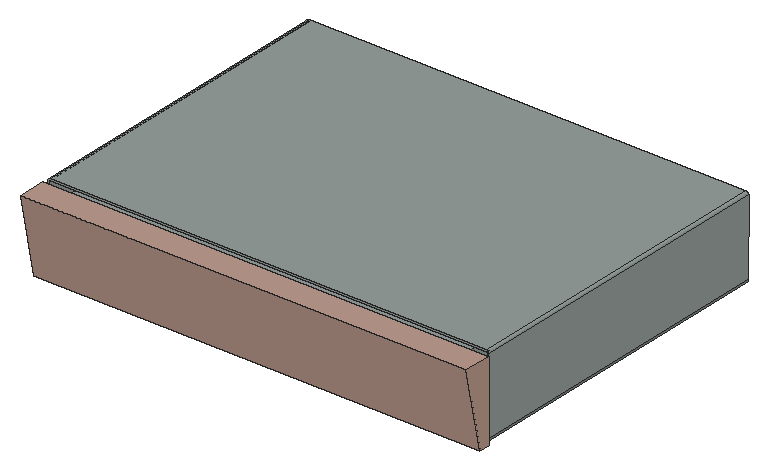
Revit family "Storage-Teknion-CAMD_Mini_Drawer_Undermount_Add_On-2021", category Furniture, Revit 2021
Family settings
  OmniClass Number = 23.40.20.00
  OmniClass Title = General Furniture and Specialties
  Work Plane-Based = No
  Always vertical = Yes
  Cut with Voids When Loaded = No
  Shared = Yes
  Room Calculation Point = No
Parameters (values of type "Standard Mini Drawer")
  Warranty = "http://www.teknion.com/ca/papers/legal-canada"
  Unit Weight URL = "http://www.teknion.com/ca/tools/assets#&asset=bee6a381-b954-425e-8283-5a2de3a804f2,f828d448-4b62-4231-9e5f-9a8991c0ed77"
  URL = "www.teknion.com"
  To render please download texture images found here [instance] = "https://assets.teknion.com/web/5e81352c1dfdb467/revit-material-swatches/"
  Sustainability Data = "https://www.teknion.com/ca/tools/assets#&topic=216f99a5-57a0-44fc-b10a-9dee9b29ae4c&asset=444deb64-fe58-4b68-981e-f75e97781df7,b4ff2d81-9f2e-437d-9659-7cffb09c31cf"
  Standard Mni Drawer = not(Cork Divider Insert)  # yes
  Series = "Chronicle "  # constant formula
  Product Page URL = "https://www.teknion.com/ca/pricing-module/chronicle-specifying"
  Product Line = "Chronicle "  # constant formula
  Product Documentation Link = "https://www.teknion.com/pricing/chronicle/pdfs/Accessories_Electrical_ppg.pdf"
  Part Number = "CAMD"  # constant formula
  Model = "CAMDS"
  Manufacturer Phone = "416-661-3370"  # constant formula
  Manufacturer Fax = "416.661.4586"  # constant formula
  Manufacturer Contact Information = "http://www.teknion.com/ca/contactus"
  Manufacturer Address = "1150 Flint Road, Toronto, ON. M3J 2J5. Canada"  # constant formula
  Manufacturer = "Teknion"  # constant formula
  How To Use Teknion Materials User Guide [instance] = "https://assets.teknion.com/m/205dd0a49fa58060/original/How-to-add-a-Material-Library-and-Texture-Images-to-your-Revit-project.pdf"
  For Additional Finishes please visit [instance] = "https://assets.teknion.com/m/44a8009b046e5d47/original/Teknion_Materials_Library.zip"
  Drawer Front Finish [instance] = Veneer - Teknion - U4 - Oyster Walnut
  Description = "Mini Drawer, Undermount Add-On, Standard Configuration"
  Default Elevation = 0.000"
  Cork Divider Insert = no
  Assembly Code = "E2020200"
Types (3): name | Standard Mni Drawer | Model | Drawer Front Finish | Description | Cork Divider Insert
  (no name) | yes | "CAMDS" | Veneer - Teknion - U4 - Oyster Walnut | "Mini Drawer, Undermount Add-On, Standard Configuration" | no
  Standard Mini Drawer | yes | "CAMDS" | Veneer - Teknion - U4 - Oyster Walnut | "Mini Drawer, Undermount Add-On, Standard Configuration" | no
  Cork Divider Insert Mini Drawer | no | "CAMDC" | Veneer - Teknion - 5P - Flintwood - Poppy Seed | "Mini Drawer, Undermount Add-On, Cork Divider Insert Configuration" | yes
Reference planes (in)
  plane 1 "Center Front/Back": y = -144.54121
  plane 2: z = 0
  plane 3 "Center Left/Right": x = 150
  plane 4 "Left": x = 143.15788
  plane 5 "Right": x = 156.84212
  plane 6 "Back": y = -139.08241
  plane 7 "Front": y = -150
  plane 8 "Top": z = 28.00004
Forms (in)
  Sweep 1, solid, material "Veneer - Teknion - U4 - Oyster Walnut" <- "Drawer Front Finish"
    path origin (0, 0, 0) x (1, 0, 0) y (0, 1, 0)
      loop
        line (143.15788, -150) -> (156.84212, -150)
    profile origin (150, -150, 0) x (0, 1, 0) y (0, 0, 1)
      loop
        line (0, 27.92052) -> (0.52005, 25.4739) -> (0.85863, 25.4739) -> (0.85863, 27.92052) -> (0, 27.92052)
  Sweep 2, solid, material "Paint - Teknion - Accent - Blue Sage"
    path origin (0, 0, 0) x (1, 0, 0) y (0, 1, 0)
      loop
        line (150, -139.08241) -> (150, -149.02336)
    profile origin (150, -144.05288, 0) x (1, 0, 0) y (0, 0, 1)
      loop
        arc (-6.775, 25.58304) -> (-6.75215, 25.52789) -> (-6.697, 25.50504) r 0.078
        line (-6.697, 25.50504) -> (-6.15, 25.50504) -> (-6.15, 25.55304) -> (-6.697, 25.55304)
        arc (-6.697, 25.55304) -> (-6.71821, 25.56183) -> (-6.727, 25.58304) r 0.03
        line (-6.727, 25.58304) -> (-6.727, 27.92204)
        arc (-6.727, 27.92204) -> (-6.71821, 27.94325) -> (-6.697, 27.95204) r 0.03
        line (-6.697, 27.95204) -> (6.697, 27.95204)
        arc (6.697, 27.95204) -> (6.71821, 27.94325) -> (6.727, 27.92204) r 0.03
        line (6.727, 27.92204) -> (6.727, 25.58304)
        arc (6.727, 25.58304) -> (6.71821, 25.56183) -> (6.697, 25.55304) r 0.03
        line (6.697, 25.55304) -> (6.15, 25.55304) -> (6.15, 25.50504) -> (6.697, 25.50504)
        arc (6.697, 25.50504) -> (6.75215, 25.52789) -> (6.775, 25.58304) r 0.078
        line (6.775, 25.58304) -> (6.775, 27.92204)
        arc (6.775, 27.92204) -> (6.75215, 27.9772) -> (6.697, 28.00004) r 0.078
        line (6.697, 28.00004) -> (-6.697, 28.00004)
        arc (-6.697, 28.00004) -> (-6.75215, 27.9772) -> (-6.775, 27.92204) r 0.078
        line (-6.775, 27.92204) -> (-6.775, 25.58304)
  Sweep 3, solid, material "Paint - Teknion - Accent - Blue Sage"
    path origin (0, 0, 0) x (1, 0, 0) y (0, 1, 0)
      loop
        line (150, -139.14174) -> (150, -149.14137)
    profile origin (150, -144.14156, 0) x (1, 0, 0) y (0, 0, 1)
      loop
        line (-6.12112, 27.74752) -> (-6.12112, 25.7239) -> (6.12112, 25.7239) -> (6.12112, 27.74752) -> (-6.12112, 27.74752)
  Sweep 4, void
    path origin (0, 0, 0) x (1, 0, 0) y (0, 1, 0)
      loop
        line (150, -139.66537) -> (150, -148.61774)
    profile origin (150, -144.14156, 0) x (1, 0, 0) y (0, 0, 1)
      loop
        line (-5.5975, 27.74752) -> (-5.5975, 26.24752) -> (5.5975, 26.24752) -> (5.5975, 27.74752) -> (-5.5975, 27.74752)
  Sweep 5, solid, material "Paint - Teknion - Accent - Blue Sage", visible <- "Cork Divider Insert"
    path origin (0, 0, 0) x (1, 0, 0) y (0, 1, 0)
      loop
        line (144.4025, -144.54121) -> (155.5975, -144.54121)
    profile origin (150, -144.54121, 0) x (0, 1, 0) y (0, 0, 1)
      loop
        line (0.13784, 27.62252) -> (0.13784, 26.24752) -> (0.66146, 26.24752) -> (0.66146, 27.62252) -> (0.13784, 27.62252)
  Sweep 6, solid, material "Paint - Teknion - Accent - Blue Sage", visible <- "Cork Divider Insert"
    path origin (0, 0, 0) x (1, 0, 0) y (0, 1, 0)
      loop
        line (155.535, -144.54121) -> (144.465, -144.54121)
    profile origin (150, -144.54121, 0) x (0, -1, 0) y (0, 0, 1)
      loop
        line (4.01404, 27.12252) -> (0.01437, 27.12252) -> (0.01437, 26.24752) -> (4.01404, 26.24752) -> (4.01404, 27.12252)
  SweptBlend 7, void
    path origin (0, -144.54121, 0) x (1, 0, 0) y (0, 0, 1)
      loop
        line (150, 27.12252) -> (150, 26.65008)
    profile origin (150, -144.54121, 27.12252) x (0, -1, 0) y (1, 0, 0)
      loop
        arc (2.33496, -1.9383) -> (2.47638, -1.87972) -> (2.53496, -1.7383) r 0.2
        line (2.53496, -1.7383) -> (2.53496, 5.535) -> (0.01437, 5.535) -> (0.01437, -1.9383) -> (2.33496, -1.9383)
    end profile origin (150, -144.54121, 26.65008) x (0, -1, 0) y (1, 0, 0)
      loop
        line (0.01437, -1.82051) -> (2.33455, -1.82051)
        arc (2.33455, -1.82051) -> (2.39297, -1.79631) -> (2.41717, -1.73789) r 0.08262
        line (2.41717, -1.73789) -> (2.41717, 5.535) -> (0.01437, 5.535) -> (0.01437, -1.82051)
  SweptBlend 8, void
    path origin (0, -144.54121, 0) x (1, 0, 0) y (0, 0, 1)
      loop
        line (150, 27.12252) -> (150, 26.92567)
    profile origin (150, -144.54121, 27.12252) x (0, -1, 0) y (1, 0, 0)
      loop
        arc (2.90996, -2.1133) -> (2.96854, -2.25472) -> (3.10996, -2.3133) r 0.2
        line (3.10996, -2.3133) -> (4.01404, -2.3133) -> (4.01404, 5.535) -> (2.90996, 5.535) -> (2.90996, -2.1133)
    end profile origin (150, -144.54121, 26.92567) x (0, -1, 0) y (1, 0, 0)
      loop
        line (3.10996, -2.19965) -> (4.01404, -2.19965) -> (4.01404, 5.535) -> (3.02361, 5.535) -> (3.02361, -2.1133)
        arc (3.02361, -2.1133) -> (3.04891, -2.17436) -> (3.10996, -2.19965) r 0.08635
  SweptBlend 9, void
    path origin (0, -144.54121, 0) x (1, 0, 0) y (0, 0, 1)
      loop
        line (150, 27.12252) -> (150, 26.80756)
    profile origin (150, -144.54121, 27.12252) x (0, -1, 0) y (1, 0, 0)
      loop
        line (0.01437, -2.3133) -> (0.01437, -5.535) -> (2.53496, -5.535) -> (2.53496, -2.5133)
        arc (2.53496, -2.5133) -> (2.47638, -2.37188) -> (2.33496, -2.3133) r 0.2
        line (2.33496, -2.3133) -> (0.01437, -2.3133)
    end profile origin (150, -144.54121, 26.80756) x (0, -1, 0) y (1, 0, 0)
      loop
        line (2.33496, -2.42175) -> (0.01437, -2.42175) -> (0.01437, -5.535) -> (2.42651, -5.535) -> (2.42651, -2.5133)
        arc (2.42651, -2.5133) -> (2.3997, -2.44856) -> (2.33496, -2.42175) r 0.09155
  Sweep 10, solid, material "Paint - Teknion - Accent - Blue Sage", visible <- "Standard Mni Drawer"
    path origin (0, 0, 0) x (1, 0, 0) y (0, 1, 0)
      loop
        line (144.465, -144.54121) -> (155.535, -144.54121)
    profile origin (150, -144.54121, 0) x (0, 1, 0) y (0, 0, 1)
      loop
        line (-4.01404, 27.21996) -> (-4.01404, 26.32626)
        arc (-4.01404, 26.32626) -> (-3.99098, 26.27058) -> (-3.9353, 26.24752) r 0.07874
        line (-3.9353, 26.24752) -> (-0.89593, 26.24752)
        arc (-0.89593, 26.24752) -> (-0.84025, 26.27058) -> (-0.81719, 26.32626) r 0.07874
        line (-0.81719, 26.32626) -> (-0.81719, 27.21996)
        arc (-0.81719, 27.21996) -> (-0.97467, 27.37744) -> (-1.13215, 27.21996) r 0.15748
        line (-1.13215, 27.21996) -> (-1.13215, 27.11366)
        arc (-1.13215, 27.11366) -> (-1.27052, 26.7796) -> (-1.60459, 26.64122) r 0.47244
        line (-1.60459, 26.64122) -> (-3.22664, 26.64122)
        arc (-3.22664, 26.64122) -> (-3.5607, 26.7796) -> (-3.69908, 27.11366) r 0.47244
        line (-3.69908, 27.11366) -> (-3.69908, 27.21996)
        arc (-3.69908, 27.21996) -> (-3.85656, 27.37744) -> (-4.01404, 27.21996) r 0.15748
Cuts and joins
  Sweep 4 cuts Sweep 3
  SweptBlend 7, SweptBlend 8, SweptBlend 9 cuts Sweep 6
Lines and regions (in)
  Masking region 1
    outline origin (0, 0, 0) x (1, 0, 0) y (0, 1, 0)
      loop
        line (143.15788, -150) -> (156.84212, -150) -> (156.84212, -149.14137) -> (156.12112, -149.14137) -> (156.12112, -149.02336) -> (156.775, -149.02336) -> (156.775, -139.08241) -> (143.225, -139.08241) -> (143.225, -149.02336) -> (143.87888, -149.02336) -> (143.87888, -149.14137) -> (143.15788, -149.14137) -> (143.15788, -150)
  reference lines
    curve 1: line (143.15788, -139.08241, 0) -> (156.84212, -139.08241, 0)
    curve 2: line (143.15788, -150, 0) -> (143.15788, -139.08241, 0)
    curve 3: line (156.84212, -150, 0) -> (143.15788, -150, 0)
    curve 4: line (156.84212, -139.08241, 0) -> (156.84212, -150, 0)
  symbolic lines
    curve 5: line (143.273, -149.02336, 0) -> (156.727, -149.02336, 0)
    curve 6: line (156.84212, -149.14137, 0) -> (143.15788, -149.14137, 0)
  symbolic lines, style "FurnitureHiddenLines", detail levels medium+fine
    curve 7: line (156.84212, -149.47995, 0) -> (143.15788, -149.47995, 0)
    curve 8: line (143.87888, -139.14174, 0) -> (143.87888, -149.14137, 0)
    curve 9: line (156.12112, -149.14137, 0) -> (156.12112, -139.14174, 0)
    curve 10: line (144.4025, -139.66537, 0) -> (144.4025, -148.61774, 0)
    curve 11: line (144.4025, -139.66537, 0) -> (155.5975, -139.66537, 0)
    curve 12: line (155.5975, -148.61774, 0) -> (155.5975, -139.66537, 0)
    curve 13: line (144.4025, -148.61774, 0) -> (155.5975, -148.61774, 0)
    curve 14: line (143.85, -149.02336, 0) -> (143.85, -139.08241, 0)
    curve 15: line (156.15, -139.08241, 0) -> (156.15, -149.02336, 0)
    curve 16: line (143.273, -139.08241, 0) -> (143.273, -149.02336, 0)
    curve 17: line (156.727, -149.02336, 0) -> (156.727, -139.08241, 0)
    curve 18: line (143.87888, -139.14174, 0) -> (156.12112, -139.14174, 0)
    curve 22: line (144.465, -144.55558, 0) -> (144.465, -148.55524, 0)
    curve 23: line (144.465, -148.55524, 0) -> (155.535, -148.55524, 0)
    curve 24: line (155.535, -144.55558, 0) -> (155.535, -148.55524, 0)
  symbolic lines, style "FurnitureHiddenLines", visible <- "Cork Divider Insert", detail levels medium+fine
    curve 19: line (155.5975, -143.87974, 0) -> (144.4025, -143.87974, 0)
    curve 20: line (144.4025, -144.40337, 0) -> (155.5975, -144.40337, 0)
    curve 21: line (155.535, -144.55558, 0) -> (144.465, -144.55558, 0)
    curve 25: line (155.535, -147.56482, 0) -> (147.8867, -147.56482, 0)
    curve 26: line (147.80035, -147.65117, 0) -> (147.80035, -148.55524, 0)
    curve 27: line (147.8867, -147.45117, 0) -> (155.535, -147.45117, 0)
    curve 28: line (147.6867, -148.55524, 0) -> (147.6867, -147.65117, 0)
    curve 29: arc (147.8867, -147.56482, 0) -> (147.82564, -147.59011, 0) -> (147.80035, -147.65117, 0) r 0.08635
    curve 30: arc (147.6867, -147.65117, 0) -> (147.74528, -147.50975, 0) -> (147.8867, -147.45117, 0) r 0.2
    curve 31: line (147.4867, -147.07617, 0) -> (144.465, -147.07617, 0)
    curve 32: line (144.465, -146.96772, 0) -> (147.4867, -146.96772, 0)
    curve 33: line (147.57825, -146.87617, 0) -> (147.57825, -144.55558, 0)
    curve 34: line (147.6867, -144.55558, 0) -> (147.6867, -146.87617, 0)
    curve 35: arc (147.4867, -146.96772, 0) -> (147.55144, -146.9409, 0) -> (147.57825, -146.87617, 0) r 0.09155
    curve 36: arc (147.6867, -146.87617, 0) -> (147.62812, -147.01759, 0) -> (147.4867, -147.07617, 0) r 0.2
    curve 37: line (148.26211, -146.95838, 0) -> (155.535, -146.95838, 0)
    curve 38: line (155.535, -147.07617, 0) -> (148.2617, -147.07617, 0)
    curve 39: line (148.0617, -146.87617, 0) -> (148.0617, -144.55558, 0)
    curve 40: line (148.17949, -144.55558, 0) -> (148.17949, -146.87575, 0)
    curve 41: arc (148.17949, -146.87575, 0) -> (148.20369, -146.93418, 0) -> (148.26211, -146.95838, 0) r 0.08262
    curve 42: arc (148.2617, -147.07617, 0) -> (148.12028, -147.01759, 0) -> (148.0617, -146.87617, 0) r 0.2
  symbolic lines, style "FurnitureHiddenLines", visible <- "Standard Mni Drawer", detail levels medium+fine
    curve 43: line (144.465, -145.35839, 0) -> (155.535, -145.35839, 0)
    curve 44: line (144.465, -145.67336, 0) -> (155.535, -145.67336, 0)
    curve 45: line (144.465, -148.24028, 0) -> (155.535, -148.24028, 0)
Dimensions and locks (in)
  plane 4 "Left" to plane 5 "Right" = 13.68424"
  plane 6 "Back" to plane 7 "Front" = 10.91759"
  plane 8 "Top" to level = 28.00004"
  equal spacing: plane 6 "Back", plane 1 "Center Front/Back", plane 7 "Front"
  equal spacing: plane 4 "Left", plane 3 "Center Left/Right", plane 5 "Right"
  plane 8 "Top" to Sweep 1 sketch curve to Sweep 1 sketch curve = 0.07952" locked, 2.44662" locked
  plane 7 "Front" to Sweep 1 sketch curve to Sweep 1 sketch curve = 0.52005" locked, 0.33859" locked
  locked: Sweep 2 sketch curve to Sweep 2 sketch curve at 9.94094
  Sweep 2 sketch curve to Sweep 2 sketch curve to Sweep 2 sketch curve to Sweep 2 sketch curve to Sweep 2 sketch curve to Sweep 2 sketch curve = 0.048" locked, 2.399" locked, 0.000" locked, 0.048" locked, 0.000" locked
  Sweep 2 sketch curve to Sweep 2 sketch curve to Sweep 2 sketch curve to plane 4 "Left" = 0.577" locked, 0.048" locked, 0.06712" locked
  Sweep 2 sketch curve to Sweep 2 sketch curve to Sweep 2 sketch curve to plane 5 "Right" = 0.577" locked, 0.048" locked, 0.06712" locked
  locked: Sweep 3 sketch curve to Sweep 3 sketch curve at 9.99962
  locked: Sweep 3 sketch curve to plane 4 "Left" at 0.721
  locked: Sweep 3 sketch curve to plane 5 "Right" at 0.721
  plane 8 "Top" to Sweep 3 sketch curve to Sweep 3 sketch curve = 0.25252" locked, 2.02362" locked
  Sweep 4 sketch curve to Sweep 4 sketch curve to plane 7 "Front" = 8.95238" locked, 1.38226" locked
  equal spacing: Sweep 4 sketch curve, plane 3 "Center Left/Right", Sweep 4 sketch curve, locked at 5.5975 each
  locked: Sweep 4 sketch curve to Sweep 4 sketch curve at 1.5
  locked: Sweep 5 sketch curve to Sweep 5 sketch curve at 1.375
  plane 1 "Center Front/Back" to Sweep 5 sketch curve to Sweep 5 sketch curve = 0.13784" locked, 0.52362" locked
  Sweep 6 sketch curve to plane 3 "Center Left/Right" to Sweep 6 sketch curve = 5.535" locked, 5.535" locked
  locked: Sweep 6 sketch curve to Sweep 6 sketch curve at 0.875
  Sweep 6 sketch curve to Sweep 6 sketch curve to plane 1 "Center Front/Back" = 3.99967" locked, 0.01437" locked
  SweptBlend 7 sketch curve to SweptBlend 7 sketch curve to Sweep 1 = 0.47244" locked, 1.17618" locked
  plane 8 "Top" to SweptBlend 8 sketch curve to SweptBlend 8 sketch curve = 0.87752" locked, 0.19685" locked
  plane 8 "Top" to SweptBlend 9 sketch curve to SweptBlend 9 sketch curve = 0.87752" locked, 0.31496" locked
  Sweep 10 sketch curve to plane 3 "Center Left/Right" to Sweep 10 sketch curve = 5.535" locked, 5.535" locked
  aligned and locked: level to plane 2
  aligned and locked: Sweep 1 sketch curve to plane 7 "Front"
  aligned and locked: Sweep 1 sketch curve to plane 4 "Left"
  aligned and locked: plane 5 "Right" to Sweep 1 sketch curve
  aligned and locked: plane 7 "Front" to Sweep 1 sketch curve
  aligned and locked: Sweep 2 sketch curve to plane 3 "Center Left/Right"
  aligned and locked: plane 6 "Back" to Sweep 2 sketch curve
  aligned and locked: plane 8 "Top" to Sweep 2 sketch curve
  aligned and locked: Sweep 3 sketch curve to plane 3 "Center Left/Right"
  aligned and locked: Sweep 1 to Sweep 3 sketch curve
  aligned and locked: Sweep 4 sketch curve to plane 3 "Center Left/Right"
  aligned and locked: Sweep 4 sketch curve to Sweep 3
  aligned and locked: cut or joined group of Sweep 3, Sweep 4 to Sweep 5 sketch curve  (x2)
  aligned and locked: plane 1 "Center Front/Back" to Sweep 5 sketch curve
  aligned and locked: Sweep 5 sketch curve to cut or joined group of Sweep 3, Sweep 4
  aligned and locked: Sweep 6 sketch curve to plane 1 "Center Front/Back"
  aligned and locked: Sweep 6 sketch curve to cut or joined group of Sweep 3, Sweep 4
  aligned and locked: SweptBlend 7 sketch curve to plane 3 "Center Left/Right"
  aligned and locked: SweptBlend 8 sketch curve to plane 3 "Center Left/Right"
  aligned and locked: SweptBlend 9 sketch curve to plane 3 "Center Left/Right"
  aligned and locked: plane 1 "Center Front/Back" to Sweep 10 sketch curve
  aligned and locked: Masking region 1 sketch curve to Sweep 1  (x4)
  aligned and locked: Masking region 1 sketch curve to Sweep 2  (x2)
  aligned and locked: cut or joined group of Sweep 3, Sweep 4 to Masking region 1 sketch curve
  aligned and locked: Masking region 1 sketch curve to cut or joined group of Sweep 3, Sweep 4
  aligned and locked: curve 1 to plane 6 "Back"
  aligned and locked: curve 2 to plane 4 "Left"
  aligned and locked: curve 3 to plane 7 "Front"
  aligned and locked: curve 4 to plane 5 "Right"
  aligned and locked: Sweep 2 to curve 5
  aligned and locked: curve 6 to Sweep 1
  aligned and locked: curve 7 to Sweep 1
  aligned and locked: curve 8 to cut or joined group of Sweep 3, Sweep 4
  aligned and locked: curve 9 to cut or joined group of Sweep 3, Sweep 4
  aligned and locked: curve 10 to cut or joined group of Sweep 3, Sweep 4
  aligned and locked: curve 11 to cut or joined group of Sweep 3, Sweep 4
  aligned and locked: curve 12 to cut or joined group of Sweep 3, Sweep 4
  aligned and locked: curve 13 to cut or joined group of Sweep 3, Sweep 4
  aligned and locked: curve 14 to Sweep 2
  aligned and locked: curve 15 to Sweep 2
  aligned and locked: curve 16 to Sweep 2
  aligned and locked: curve 18 to cut or joined group of Sweep 3, Sweep 4
  aligned and locked: curve 19 to Sweep 5
  aligned and locked: curve 20 to Sweep 5
  aligned and locked: curve 21 to cut or joined group of Sweep 6, SweptBlend 7, SweptBlend 8, SweptBlend 9
  aligned and locked: curve 22 to cut or joined group of Sweep 6, SweptBlend 7, SweptBlend 8, SweptBlend 9
  aligned and locked: curve 23 to cut or joined group of Sweep 6, SweptBlend 7, SweptBlend 8, SweptBlend 9
  aligned and locked: curve 24 to cut or joined group of Sweep 6, SweptBlend 7, SweptBlend 8, SweptBlend 9
  aligned and locked: curve 25 to cut or joined group of Sweep 6, SweptBlend 7, SweptBlend 8, SweptBlend 9
  aligned and locked: curve 26 to cut or joined group of Sweep 6, SweptBlend 7, SweptBlend 8, SweptBlend 9
  aligned and locked: curve 27 to cut or joined group of Sweep 6, SweptBlend 7, SweptBlend 8, SweptBlend 9
  aligned and locked: curve 28 to cut or joined group of Sweep 6, SweptBlend 7, SweptBlend 8, SweptBlend 9
  aligned and locked: curve 32 to cut or joined group of Sweep 6, SweptBlend 7, SweptBlend 8, SweptBlend 9
  aligned and locked: curve 33 to cut or joined group of Sweep 6, SweptBlend 7, SweptBlend 8, SweptBlend 9
  aligned and locked: curve 34 to cut or joined group of Sweep 6, SweptBlend 7, SweptBlend 8, SweptBlend 9
  aligned and locked: curve 36 to cut or joined group of Sweep 6, SweptBlend 7, SweptBlend 8, SweptBlend 9
  aligned and locked: curve 37 to cut or joined group of Sweep 6, SweptBlend 7, SweptBlend 8, SweptBlend 9
  aligned and locked: curve 38 to cut or joined group of Sweep 6, SweptBlend 7, SweptBlend 8, SweptBlend 9
  aligned and locked: curve 40 to cut or joined group of Sweep 6, SweptBlend 7, SweptBlend 8, SweptBlend 9
  aligned and locked: curve 42 to cut or joined group of Sweep 6, SweptBlend 7, SweptBlend 8, SweptBlend 9
  aligned and locked: curve 43 to Sweep 10
  aligned and locked: curve 44 to Sweep 10
  aligned and locked: curve 45 to Sweep 10
  aligned and locked: plane 7 "Front" to nested 1
  aligned and locked: nested 1 to plane 3 "Center Left/Right"
Automatic sketch dimensions
  Sweep 2 sketch curve to Sweep 2 sketch curve = 0.000"  (x5)
  Sweep 2 sketch curve to Sweep 2 sketch curve = 0.030"  (x3)
  profile plane to Sweep 4 sketch curve = 5.5975"
  plane 1 "Center Front/Back" to SweptBlend 7 sketch curve = 0.01437"  (x2)
  SweptBlend 7 sketch curve to SweptBlend 7 sketch curve = 2.32018"
  SweptBlend 7 sketch curve to SweptBlend 7 sketch curve = 0.08262"
  profile plane to SweptBlend 7 sketch curve = 1.82051"
  SweptBlend 7 sketch curve to profile plane = 5.535"  (x2)
  SweptBlend 7 sketch curve to SweptBlend 7 sketch curve = 2.32059"
  profile plane to SweptBlend 7 sketch curve = 1.7383"
  SweptBlend 7 sketch curve to SweptBlend 7 sketch curve = 0.200"
  plane 1 "Center Front/Back" to SweptBlend 8 sketch curve = 4.01404"  (x2)
  profile plane to SweptBlend 8 sketch curve = 2.1133"  (x2)
  SweptBlend 8 sketch curve to profile plane = 5.535"  (x2)
  SweptBlend 8 sketch curve to SweptBlend 8 sketch curve = 0.08635"
  plane 1 "Center Front/Back" to SweptBlend 8 sketch curve = 3.02361"
  SweptBlend 8 sketch curve to SweptBlend 8 sketch curve = 0.200"
  plane 1 "Center Front/Back" to SweptBlend 8 sketch curve = 2.90996"
  plane 1 "Center Front/Back" to SweptBlend 9 sketch curve = 0.01437"  (x2)
  profile plane to SweptBlend 9 sketch curve = 5.535"  (x2)
  SweptBlend 9 sketch curve to SweptBlend 9 sketch curve = 0.09155"
  profile plane to SweptBlend 9 sketch curve = 2.42175"
  SweptBlend 9 sketch curve to SweptBlend 9 sketch curve = 2.32059"  (x2)
  SweptBlend 9 sketch curve to SweptBlend 9 sketch curve = 0.200"
  profile plane to SweptBlend 9 sketch curve = 2.3133"
  profile plane to Sweep 10 sketch curve = 4.01404"
  Sweep 10 sketch curve to Sweep 10 sketch curve = 0.07874"  (x2)
  Sweep 10 sketch curve to Sweep 10 sketch curve = 0.15748"  (x2)
  Sweep 10 sketch curve to Sweep 10 sketch curve = 0.47244"  (x2)
  profile plane to Sweep 10 sketch curve = 1.60459"
  level to Sweep 10 sketch curve = 26.24752"
  Sweep 10 sketch curve to Sweep 10 sketch curve = 0.31496"
  Sweep 10 sketch curve to Sweep 10 sketch curve = 0.1063"  (x2)
  plane 4 "Left" to Masking region 1 sketch curve = 0.06712"
  plane 5 "Right" to Masking region 1 sketch curve = 0.06712"
  Masking region 1 sketch curve to Masking region 1 sketch curve = 0.11801"  (x2)
  curve 29 to curve 30 = 0.000"
  curve 35 to curve 36 = 0.000"
  curve 6 to plane 4 "Left" = 0.000"
  curve 7 to plane 4 "Left" = 0.000"
  curve 17 to plane 6 "Back" = 0.000"
  curve 6 to plane 5 "Right" = 0.000"
  curve 7 to plane 5 "Right" = 0.000"
  curve 14 to plane 6 "Back" = 0.000"
  curve 15 to plane 6 "Back" = 0.000"
  curve 16 to plane 6 "Back" = 0.000"
  curve 29 to curve 27 = 0.08635"
  curve 42 to curve 41 = 0.00041"
  plane 5 "Right" to curve 5 = 0.11512"
Nested families (in)
  nested 1: "Teknion_2D_Node_Family-R2016" at (150, -150, 0), type "Teknion_2D_Node_Family-R2016"
Definition of nested family "Teknion_2D_Node_Family-R2016"
  Reference planes (in)
    plane 1 "Center (Front/Back)": y = 0
    plane 2: z = 0
    plane 3 "Center (Left/Right)": x = 0
  Lines and regions (in)
    detail lines, in view "Ref. Level"
      curve 1: circle (0, 0, 0) r 1.25 normal (0, 0, 1)
      curve 2: line (1.91508, -1.91508, 0) -> (-1.91508, 1.91508, 0)
      curve 3: line (-1.91508, -1.91508, 0) -> (1.91508, 1.91508, 0)
